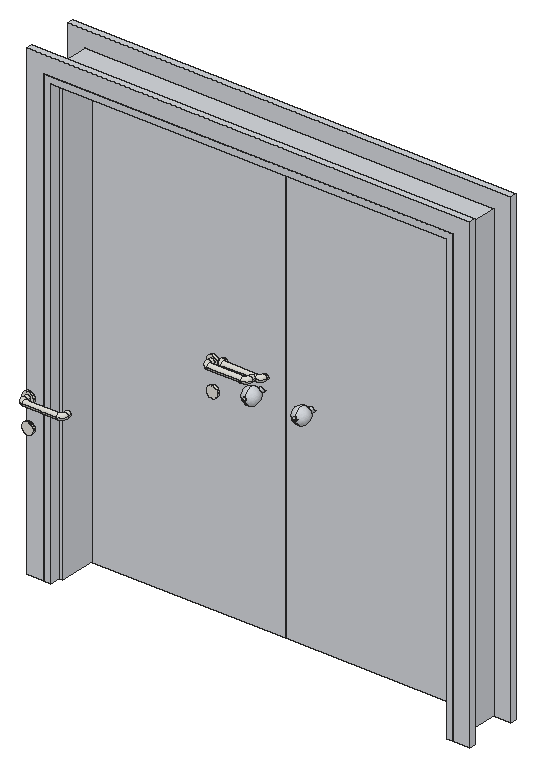
Revit family "0043_M_DR_W_SD2", category 문, Revit 2026
Family settings
  호스트 = 벽
  항상 수직 = 예
  로드될 때 보이드를 사용하여 절단 = 아니오
  공유 = 아니오
  룸 계산 점 = 아니오
Parameters
  프레임 투영 외부 = 25 mm
  프레임 투영 내부 = 25 mm
  프레임 폭 = 75 mm
  창호부호 = "SD"
  문틀재료 = "1.6 ST'L EGI PL\r\n"
  문틀마감 = "조합페인트"
  문짝재료 = "1.2mm ST'L EGI PL  양면\r\n"
  문짝마감 = "정전분체도장"
  문번호 = "2"
  높이 = 2000 mm
  벽 마무리 = 호스트별
  폭 = 1800 mm
  Function = (empty or 0)
  Assembly Code = ""
Reference planes
  plane 1: y = 0
  plane 2 "중심(왼쪽/오른쪽)": x = 0
  plane 3 "왼쪽": x = -900
  plane 4 "오른쪽": x = 900
  plane 5: z = 2000
  plane 6 "외부": y = 100
  plane 7 "내부": y = -100
  plane 8 "축": x = 110
  plane 9: z = 940
  plane 10: y = 75
  plane 11: y = -75
  plane 12: x = -110
  plane 13: z = 940
Forms (mm)
  Extrusion 1, solid
    sketch origin (-3050, -100, 0) x (1, 0, 0) y (0, 0, 1)
      loop
        line (2075, 0) -> (2150, 0) -> (2150, 2000) -> (3950, 2000) -> (3950, 0) -> (4025, 0) -> (4025, 2075) -> (2075, 2075) -> (2075, 0)
    from 0 to 25
  Extrusion 2, solid
    sketch origin (-3050, 100, 0) x (-1, 0, 0) y (0, 0, 1)
      loop
        line (-2150, 0) -> (-2075, 0) -> (-2075, 2075) -> (-4025, 2075) -> (-4025, 0) -> (-3950, 0) -> (-3950, 2000) -> (-2150, 2000) -> (-2150, 0)
    from 0 to 25
  Sweep 3, solid
    path origin (0, -100, 0) x (1, 0, 0) y (0, 0, 1)
      loop
        line (-900, 0) -> (-900, 2000) -> (900, 2000) -> (900, 0)
    profile origin (-900, -100, 1000) x (-1, 0, 0) y (0, -1, 0)
      loop
        line (0, 25) -> (-30, 25) -> (-30, -20) -> (-45, -20) -> (-45, -180) -> (-30, -180) -> (-30, -225) -> (0, -225) -> (0, 25)
  Extrusion 4, solid
    sketch origin (0, 0, 0) x (1, 0, 0) y (0, 1, 0)
      loop
        line (0, 80) -> (870, 80) -> (870, 120) -> (0, 120) -> (0, 80)
    from 0 to 1970
  Revolve 5, solid
    sketch origin (110, -5, 0) x (0, -1, 0) y (0, 0, 1)
      loop
        arc (-144.576, 952.903) -> (-179.211, 974.937) -> (-210.957, 948.912) r 35
        line (-210.957, 948.912) -> (-207.421, 945.376) -> (-207.421, 940) -> (-2.579, 940) -> (-2.579, 945.376) -> (0.957, 948.912)
        arc (0.957, 948.912) -> (-30.789, 974.937) -> (-65.424, 952.903) r 35
        line (-65.424, 952.903) -> (-144.576, 952.903)
      axis (0.957, 940) -> (-210.957, 940)
    angle from 0 to 360
  Revolve 6, solid
    sketch origin (-110, -5, 0) x (0, -1, 0) y (0, 0, -1)
      loop
        line (-144.576, -952.903) -> (-65.424, -952.903)
        arc (-65.424, -952.903) -> (-30.789, -974.937) -> (0.957, -948.912) r 35
        line (0.957, -948.912) -> (-2.579, -945.376) -> (-2.579, -940) -> (-207.421, -940) -> (-207.421, -945.376) -> (-210.957, -948.912)
        arc (-210.957, -948.912) -> (-179.211, -974.937) -> (-144.576, -952.903) r 35
      axis (0.957, -940) -> (-210.957, -940)
    angle from 0 to 360
  Extrusion 7, solid
    sketch origin (0, 0, 0) x (-1, 0, 0) y (0, -1, 0)
      loop
        line (0, -80) -> (0, -120) -> (870, -120) -> (870, -80) -> (0, -80)
    from 0 to 1970
Lines and regions (mm)
  Opening 1
    outline origin (-3050, -100, 0) x (1, 0, 0) y (0, 0, 1)
      loop
        line (2150, 0) -> (3950, 0) -> (3950, 2000) -> (2150, 2000) -> (2150, 0)
  symbolic lines, style "입면도 스윙"
    curve 1: line (900, -100, 1000) -> (0, -100, 0)
    curve 2: line (900, 100, 1000) -> (0, 100, 1970)
    curve 7: line (-900, -100, 1000) -> (0, -100, 0)
    curve 8: line (-900, 100, 1000) -> (0, 100, 1970)
  symbolic lines, style "Doors"
    curve 3: line (870, 950, 0) -> (870, 80, 0)
    curve 4: line (830, 950, 0) -> (870, 950, 0)
    curve 5: line (830, 80, 0) -> (830, 950, 0)
    curve 6: line (870, 80, 0) -> (830, 80, 0)
    curve 9: arc (0, 80, 0) -> (254.817, 695.183, 0) -> (870, 950, 0) r 870
    curve 10: line (-870, 950, 0) -> (-870, 80, 0)
    curve 11: line (-830, 950, 0) -> (-870, 950, 0)
    curve 12: line (-830, 80, 0) -> (-830, 950, 0)
    curve 13: arc (0, 80, 0) -> (-254.817, 695.183, 0) -> (-870, 950, 0) r 870
Text (mm)
  text "Exterior" at (-2295.016, 1099.543, 0), in view "참조 레벨"
  text "Exterior" at (0, 1615.38, 3698.081), in view "왼쪽"
  text "Exterior" at (0, 1036.032, 3874.932), in view "오른쪽"
Dimensions and locks
  equal spacing: plane 3 "왼쪽", plane 2 "중심(왼쪽/오른쪽)", plane 4 "오른쪽"
  "폭": plane 3 "왼쪽" to plane 4 "오른쪽"
  "높이": plane 5 to host wall
  equal spacing: host wall, curve 1, plane 5
  equal spacing: host wall, curve 2, plane 5
  "프레임 투영 외부": Extrusion 2 to Extrusion 2
  "프레임 투영 내부": Extrusion 1 to Extrusion 1
  "프레임 폭": plane 3 "왼쪽" to Extrusion 1 sketch curve
  "프레임 폭": plane 4 "오른쪽" to Extrusion 1 sketch curve
  "프레임 폭": Extrusion 1 sketch curve to plane 5
  "프레임 폭": plane 4 "오른쪽" to Extrusion 2 sketch curve
  "프레임 폭": plane 3 "왼쪽" to Extrusion 2 sketch curve
  "프레임 폭": plane 5 to Extrusion 2 sketch curve
  locked: plane 6 "외부" to host wall at 0
  locked: plane 7 "내부" to host wall
  equal spacing: plane 12, plane 2 "중심(왼쪽/오른쪽)", plane 8 "축"
  aligned and locked: plane 3 "왼쪽" to Opening 1 sketch curve
  aligned and locked: plane 5 to Opening 1 sketch curve  (x2)
  aligned and locked: Opening 1 sketch curve to plane 4 "오른쪽"
  aligned and locked: Opening 1 sketch curve to level
  aligned and locked: level to Extrusion 1 sketch curve
  aligned and locked: plane 5 to Extrusion 1 sketch curve  (x2)
  aligned and locked: Extrusion 1 sketch curve to plane 4 "오른쪽"
  aligned and locked: Extrusion 1 sketch curve to plane 3 "왼쪽"
  aligned and locked: plane 3 "왼쪽" to Extrusion 2 sketch curve
  aligned and locked: plane 5 to Extrusion 2 sketch curve  (x2)
  aligned and locked: level to Extrusion 2 sketch curve
  aligned and locked: plane 1 to host wall
  aligned and locked: Extrusion 4 sketch curve to Sweep 3
  aligned and locked: Extrusion 4 to Sweep 3
  aligned and locked: Sweep 3 sketch curve to plane 5
  aligned and locked: Sweep 3 sketch curve to plane 4 "오른쪽"
  aligned and locked: plane 3 "왼쪽" to Sweep 3 sketch curve
  aligned and locked: Extrusion 4 sketch curve to plane 2 "중심(왼쪽/오른쪽)"
  aligned and locked: curve 1 to Extrusion 4
  aligned and locked: Extrusion 7 to Sweep 3
  aligned and locked: plane 2 "중심(왼쪽/오른쪽)" to Extrusion 7
  aligned and locked: Extrusion 4 to plane 2 "중심(왼쪽/오른쪽)"
Automatic sketch dimensions
  Extrusion 2 sketch curve to plane 4 "오른쪽" = 0 mm
  Extrusion 1 sketch curve to level = 0 mm
  Extrusion 2 sketch curve to level = 0 mm
  Sweep 3 sketch curve to level = 0 mm  (x2)
  Extrusion 4 sketch curve to host wall = 20 mm
  host wall to Extrusion 4 sketch curve = 20 mm
  Sweep 3 sketch curve to profile plane = 0 mm
  profile plane to Sweep 3 sketch curve = 30 mm  (x2)
  Sweep 3 sketch curve to Sweep 3 sketch curve = 15 mm
  Sweep 3 sketch curve to plane 7 "내부" = 225 mm
  Sweep 3 sketch curve to Sweep 3 sketch curve = 45 mm
  Sweep 3 sketch curve to plane 7 "내부" = 20 mm
  plane 7 "내부" to Sweep 3 sketch curve = 25 mm
  curve 2 to plane 2 "중심(왼쪽/오른쪽)" = 0 mm
  curve 1 to level = 0 mm
  curve 2 to plane 4 "오른쪽" = 0 mm
  curve 1 to plane 4 "오른쪽" = 0 mm
  plane 5 to curve 2 = 30 mm
  curve 7 to plane 3 "왼쪽" = 0 mm
  curve 8 to plane 3 "왼쪽" = 0 mm
  level to curve 7 = 1000 mm
  curve 8 to curve 7 = 0 mm
  Extrusion 7 sketch curve to plane 2 "중심(왼쪽/오른쪽)" = 0 mm
  Extrusion 7 sketch curve to plane 3 "왼쪽" = 30 mm
  host wall to Extrusion 7 sketch curve = 20 mm
  plane 10 to Extrusion 7 sketch curve = 5 mm
  curve 9 to plane 2 "중심(왼쪽/오른쪽)" = 0 mm
  plane 10 to curve 6 = 5 mm
  plane 4 "오른쪽" to curve 6 = 70 mm
  plane 4 "오른쪽" to curve 6 = 30 mm
  plane 10 to curve 9 = 5 mm
  curve 13 to plane 2 "중심(왼쪽/오른쪽)" = 0 mm
  curve 12 to plane 3 "왼쪽" = 70 mm
  curve 13 to plane 3 "왼쪽" = 30 mm
  plane 10 to curve 13 = 5 mm
  plane 10 to curve 12 = 5 mm
  curve 10 to curve 13 = 0 mm
  Revolve 5 sketch curve to plane 9 = 0 mm  (x4)
  host wall to Revolve 5 sketch curve = 116.634 mm
  Revolve 5 sketch curve to Revolve 5 sketch curve = 10.677 mm
  Revolve 5 sketch curve to plane 9 = 5.376 mm  (x2)
  Revolve 5 sketch curve to Revolve 5 sketch curve = 3.536 mm  (x3)
  Revolve 5 sketch curve to Revolve 5 sketch curve = 30.311 mm
  Revolve 5 sketch curve to Revolve 5 sketch curve = 32.535 mm
  host wall to Revolve 5 sketch curve = 20 mm
  Revolve 5 sketch curve to plane 10 = 14.576 mm
  Revolve 5 sketch curve to host wall = 27.89 mm
  host wall to Revolve 5 sketch curve = 2.421 mm
  Revolve 6 sketch curve to plane 13 = 0 mm  (x4)
  host wall to Revolve 6 sketch curve = 116.634 mm
  Revolve 6 sketch curve to Revolve 6 sketch curve = 10.677 mm
  Revolve 6 sketch curve to plane 13 = 5.376 mm  (x2)
  Revolve 6 sketch curve to Revolve 6 sketch curve = 3.536 mm  (x3)
  Revolve 6 sketch curve to Revolve 6 sketch curve = 30.311 mm
  Revolve 6 sketch curve to Revolve 6 sketch curve = 32.535 mm
  host wall to Revolve 6 sketch curve = 20 mm
  Revolve 6 sketch curve to plane 10 = 14.576 mm
  Revolve 6 sketch curve to host wall = 27.89 mm
  host wall to Revolve 6 sketch curve = 2.421 mm
Nested families
  nested 1: "KO_Door Handle" at (-270, 95, 0), type "KO_Door Handle"
  nested 2: "KO_Door Handle" at (-300, 55, 0), type "KO_Door Handle"
  nested 3: "KO_Door Handle" at (-635, -540, 0), type "KO_Door Handle"
Definition of nested family "KO_Door Handle"
  Parameters
    Default Elevation = 0 mm
  Reference planes
    plane 1 "중심(앞/뒤)": y = 0
    plane 2: z = 0
    plane 3 "중심(왼쪽/오른쪽)": x = 0
    plane 4 "하드웨어": z = 1000
  Forms (mm)
    Sweep 1, solid, detail levels fine
      path origin (0, 0, 1000) x (0, -1, 0) y (1, 0, 0)
        loop
          line (0, 0) -> (25, 0)
          arc (25, 0) -> (35.607, 4.393) -> (40, 15) r 15
          line (40, 15) -> (40, 165)
          arc (40, 165) -> (35.607, 175.607) -> (25, 180) r 15
          line (25, 180) -> (10, 180)
      profile origin (0, -12.5, 0) x (1, 0, 0) y (0, 0, 1)
        loop
          circle (0, 1000) r 12
    Extrusion 2, solid, detail levels fine
      sketch origin (0, 0, 0) x (1, 0, 0) y (0, 0, 1)
        loop
          circle (1.5, 1000) r 25
      from 0 to 8
    Extrusion 3, solid, detail levels fine
      sketch origin (0, 0, -120) x (1, 0, 0) y (0, 0, 1)
        loop
          circle (1.5, 1000) r 25
      from 0 to 8
  Cuts and joins
    joined: Sweep 1, Extrusion 2
  Dimensions and locks
    locked: plane 4 "하드웨어" to plane 2 at 1000
    locked: plane 4 "하드웨어" to Extrusion 3 at 120
